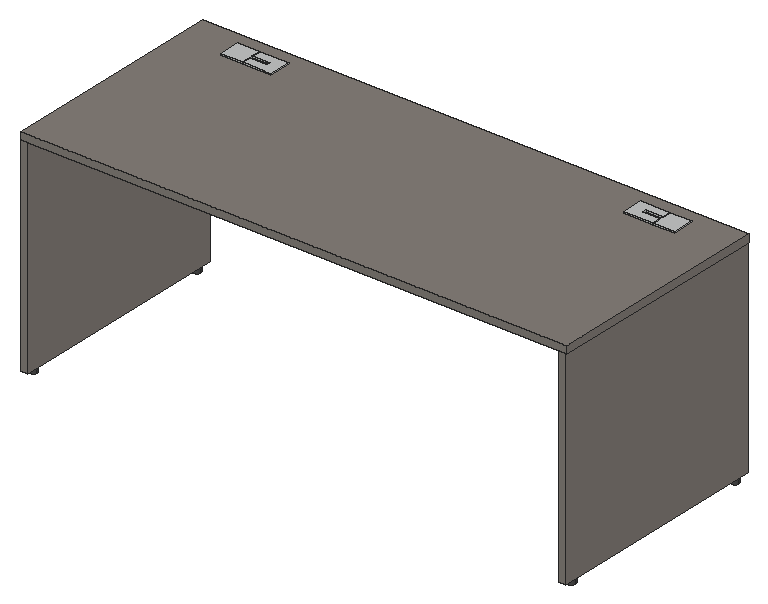
Revit family "Workstations-Multi_Level-Teknion-B_MDG_Primary_Desk_for_U_Shape_Configuration-R2019", category Furniture, Revit 2019
Family settings
  OmniClass Number = 23.40.20.00
  OmniClass Title = General Furniture and Specialties
  Work Plane-Based = No
  Always vertical = Yes
  Cut with Voids When Loaded = No
  Shared = Yes
  Room Calculation Point = No
Parameters (values of type "1" Thick WS")
  Worksurface Thickness = 1.016"
  Worksurface Finish [instance] = Veneer - Teknion - 5P - Flintwood - Poppy Seed
  Width [instance] = 72.000"
  Warranty = "http://www.teknion.com/ca/papers/legal-canada"
  Unit Weight URL = "http://www.teknion.com/ca/tools/assets#&asset=bee6a381-b954-425e-8283-5a2de3a804f2,f828d448-4b62-4231-9e5f-9a8991c0ed77"
  URL = "www.teknion.com"
  To render please download texture images found here [instance] = "https://assets.teknion.com/web/5e81352c1dfdb467/revit-material-swatches/"
  Sustainability Data = "https://www.teknion.com/ca/tools/assets#&topic=216f99a5-57a0-44fc-b10a-9dee9b29ae4c&asset=444deb64-fe58-4b68-981e-f75e97781df7,b4ff2d81-9f2e-437d-9659-7cffb09c31cf"
  Suspended Modesty Panel Options [instance] = "Please choose one of the following options below."  # constant formula
  Suspended Modesty Panel Height Options [instance] = "Please choose one of the following options below."  # constant formula
  Suspended Modesty Panel - Solid Finish [instance] = Veneer-Teknion-5T-Flintwood-White_Truffle (Long Grain)
  Suspended Modesty Panel - Solid [instance] = no
  Suspended Modesty Panel - Metal Finish [instance] = Paint-Teknion-20-T-Foundation-Atrium White
  Suspended Modesty Panel - Metal [instance] = no
  Suspended Modesty Panel - Glass Hardware Finish [instance] = Paint - Teknion - Mica - Very White
  Suspended Modesty Panel - Glass Finish [instance] = Glass - Teknion - FT - Frosted Glass
  Suspended Modesty Panel - Glass [instance] = no
  Suspended Modesty Panel - Felt Finish [instance] = Fabric-Teknion-RB13-Carrera
  Suspended Modesty Panel - Felt [instance] = no
  Series = "Expansion Casegoods"  # constant formula
  Product Page URL = "https://www.teknion.com/ca/products/product-details?productLineId=0053336e-8e7a-673b-a6c8-ff00004460c4"
  Product Line = "Expansion Casegoods"  # constant formula
  Product Documentation Link = "https://www.teknion.com/pricing/expansion-casegoods/pdfs/B_MDG_ppg.pdf"
  Part Number = "B_MDG"  # constant formula
  Panel Height [instance] = if([10" Height Suspended Modesty Panel], 10.009", 6.636")  # 10.009"
  No Grommet Option [instance] = not([Has Both Ends - Rectangular])  # no
  Model = "BDMDG_____"
  Manufacturer Phone = "416-661-3370"  # constant formula
  Manufacturer Fax = "416.661.4586"  # constant formula
  Manufacturer Contact Information = "http://www.teknion.com/ca/contactus"
  Manufacturer Address = "1150 Flint Road, Toronto, ON. M3J 2J5. Canada"  # constant formula
  Manufacturer = "Teknion"  # constant formula
  How To Use Teknion Materials User Guide [instance] = "https://assets.teknion.com/m/205dd0a49fa58060/original/How-to-add-a-Material-Library-and-Texture-Images-to-your-Revit-project.pdf"
  Has Both Ends - Rectangular [instance] = yes
  Grommet Finish [instance] = Paint - Teknion - Mica - Platinum
  Gable Thickness = 1.016"
  Gable Finish [instance] = Veneer - Teknion - 5P - Flintwood - Poppy Seed
  For Additional Finishes please visit [instance] = "https://assets.teknion.com/m/44a8009b046e5d47/original/Teknion_Materials_Library.zip"
  Description = "Primary Desk for U-Shape Configuration, 1\" Worksurface Thickness"
  Depth [instance] = 30.000"
  Available Widths [instance] = if(Worksurface Thickness = 1.016", "60, 66, or 72 inches.", "60, 66, 72, 78, 84, or 90 inches.")  # "60, 66, or 72 inches."
  Available Depths [instance] = if(Worksurface Thickness = 1.016", "24 or 30 inches.", "24, 30, or 36 inches.")  # "24 or 30 inches."
  Assembly Code = "E2020200"
  6" Height Suspended Modesty Panel [instance] = no
  10" Height Suspended Modesty Panel [instance] = not([6" Height Suspended Modesty Panel])  # yes
Types (4): name | Worksurface Thickness | Panel Height | Model | Gable Thickness | Description | Available Widths | Available Depths | 6" Height Suspended Modesty Panel | 10" Height Suspended Modesty Panel
  (no name) | 1.016" | 10.009" | "BDMDG_____" | 1.016" | "Primary Desk for U-Shape Configuration, 1\" Worksurface Thickness" | "60, 66, or 72 inches." | "24 or 30 inches." | no | yes
  1" Thick WS | 1.016" | 10.009" | "BDMDG_____" | 1.016" | "Primary Desk for U-Shape Configuration, 1\" Worksurface Thickness" | "60, 66, or 72 inches." | "24 or 30 inches." | no | yes
  1-3/16" Thick WS | 1.189" | 6.636" | "BMMDG_____" | 1.016" | "Primary Desk for U-Shape Configuration, 1-3/16\" Worksurface Thickness" | "60, 66, 72, 78, 84, or 90 inches." | "24, 30, or 36 inches." | yes | no
  1-9/16" Thick WS | 1.555" | 6.636" | "BXMDG_____" | 1.555" | "Primary Desk for U-Shape Configuration, 1-9/16\" Worksurface Thickness" | "60, 66, 72, 78, 84, or 90 inches." | "24, 30, or 36 inches." | yes | no
Reference planes (in)
  plane 1 "Center Front/Back": y = -2.73873
  plane 2: z = 0
  plane 3 "Center Left/Right": x = 3.31311
  plane 4 "Left": x = -32.68689
  plane 5 "Right": x = 39.31311
  plane 6 "Back": y = 12.26127
  plane 7 "Front": y = -17.73873
  plane 8 "Top": z = 27.80709
  plane 9: z = 28.82309
  plane 10: z = 0.60236
  plane 11: x = -31.67089
  plane 12: x = 38.29711
  plane 13: x = -32.17889
  plane 14: x = 38.80511
  plane 15: y = 6.26127
  plane 16 "Left Panel Offset": x = -29.68689
  plane 17 "Right Panel Offset": x = 36.31311
  plane 18: z = 17.79809
Forms (in)
  Sweep 1, solid, material "Veneer - Teknion - 5P - Flintwood - Poppy Seed" <- "Gable Finish"
    path origin (0, -2.73873, 0) x (1, 0, 0) y (0, 0, 1)
      loop
        line (3.31311, 0.60236) -> (3.31311, 27.80709)
    profile origin (3.31311, -2.73873, 14.20472) x (-1, 0, 0) y (0, -1, 0)
      loop
        line (34.984, -15) -> (36, -15) -> (36, 15) -> (34.984, 15) -> (34.984, -15)
  Sweep 2, solid, material "Veneer - Teknion - 5P - Flintwood - Poppy Seed" <- "Gable Finish"
    path origin (6.62622, -2.73873, 0) x (-1, 0, 0) y (0, 0, 1)
      loop
        line (3.31311, 0.60236) -> (3.31311, 27.80709)
    profile origin (3.31311, -2.73873, 14.20472) x (-1, 0, 0) y (0, -1, 0)
      loop
        line (-34.984, -15) -> (-34.984, 15) -> (-36, 15) -> (-36, -15) -> (-34.984, -15)
  Sweep 3, solid, material "Veneer - Teknion - 5P - Flintwood - Poppy Seed" <- "Worksurface Finish"
    path origin (0, -2.73873, 0) x (1, 0, 0) y (0, 0, 1)
      loop
        line (3.31311, 27.80709) -> (3.31311, 28.82309)
    profile origin (3.31311, -2.73873, 28.31509) x (-1, 0, 0) y (0, -1, 0)
      loop
        line (36, -15) -> (36, 15) -> (-36, 15) -> (-36, -15) -> (36, -15)
  Sweep 4, solid, material "Metal - Teknion - AC - Clear Anodized"
    path origin (0, 0, 0) x (1, 0, 0) y (0, 1, 0)
      loop
        line (-31.67089, 9.26127) -> (-31.67089, -14.73873)
    profile origin (-31.67089, -2.73873, 0) x (1, 0, 0) y (0, 0, 1)
      loop
        line (0, 27.80709) -> (0, 24.85433) -> (0.11902, 24.85433) -> (0.11902, 27.68807) -> (2.95276, 27.68807) -> (2.95276, 27.80709) -> (0, 27.80709)
      loop
        line (69.84898, 27.68807) -> (69.84898, 24.85433) -> (69.968, 24.85433) -> (69.968, 27.80709) -> (67.01524, 27.80709) -> (67.01524, 27.68807) -> (69.84898, 27.68807)
  Sweep 5, void
    path origin (0, 0, 0) x (1, 0, 0) y (0, 1, 0)
      loop
        line (38.29711, -2.73873) -> (-31.67089, -2.73873)
    profile origin (3.31311, -2.73873, 0) x (0, -1, 0) y (0, 0, 1)
      loop
        line (12, 26.85141) -> (10.00292, 24.85433) -> (12, 24.85433) -> (12, 26.85141)
      loop
        line (-10.00292, 24.85433) -> (-12, 26.85141) -> (-12, 24.85433) -> (-10.00292, 24.85433)
  Sweep 6, solid, material "Plastic - Teknion - E - Ebony"
    path origin (0, -2.73873, 0) x (1, 0, 0) y (0, 0, 1)
      loop
        line (-32.17889, 0) -> (-32.17889, 0.60236)
    profile origin (-32.17889, -2.73873, 0.30118) x (-1, 0, 0) y (0, -1, 0)
      loop
        circle (0, 13.48052) r 0.5
      loop
        circle (-70.984, 13.48052) r 0.5
      loop
        circle (0, -13.48052) r 0.5
      loop
        circle (-70.984, -13.48052) r 0.5
  Sweep 7, solid, material "Paint - Teknion - Mica - Platinum" <- "Grommet Finish", visible <- "Has Both Ends - Rectangular"
    path origin (0, -2.73873, 0) x (1, 0, 0) y (0, 0, 1)
      loop
        line (-25.07459, 28.82309) -> (-25.07459, 28.98054)
    profile origin (-25.07459, -2.73873, 28.90181) x (-1, 0, 0) y (0, -1, 0)
      loop
        line (1.53, -13.27912) -> (1.53, -10.43505) -> (-1.31722, -10.43505) -> (-1.31722, -13.27912) -> (1.53, -13.27912)
      loop
        line (-55.45818, -13.27912) -> (-55.45818, -10.43505) -> (-58.30541, -10.43505) -> (-58.30541, -13.27912) -> (-55.45818, -13.27912)
  Sweep 8, solid, material "Paint - Teknion - Mica - Platinum" <- "Grommet Finish", visible <- "Has Both Ends - Rectangular"
    path origin (0, -2.73873, 0) x (1, 0, 0) y (0, 0, 1)
      loop
        line (-22.21813, 28.82309) -> (-22.21813, 28.98054)
    profile origin (-22.21813, -2.73873, 28.90181) x (-1, 0, 0) y (0, -1, 0)
      loop
        line (1.53824, -13.27912) -> (1.53824, -12.06976) -> (-0.74037, -12.06976) -> (-0.74037, -11.64441) -> (1.53824, -11.64441) -> (1.53824, -10.43505) -> (-2.26785, -10.43505) -> (-2.26785, -13.27912) -> (1.53824, -13.27912)
      loop
        line (-52.60172, -12.06976) -> (-52.60172, -13.27912) -> (-48.79464, -13.27912) -> (-48.79464, -10.43505) -> (-52.60172, -10.43505) -> (-52.60172, -11.64441) -> (-50.32212, -11.64441) -> (-50.32212, -12.06976) -> (-52.60172, -12.06976)
  Sweep 9, solid, material "Veneer-Teknion-5T-Flintwood-White_Truffle (Long Grain)" <- "Suspended Modesty Panel - Solid Finish", visible <- "Suspended Modesty Panel - Solid"
    path origin (18.65075, 17.54035, -0.36189) x (1, 0, 0) y (0, 1, 0)
      loop
        line (-48.33764, -33.24036) -> (17.66236, -33.24036)
    profile origin (3.31311, -15.70001, -0.36189) x (0, 1, 0) y (0, 0, 1)
      loop
        line (21.96029, 28.16898) -> (20.94454, 28.16898) -> (20.94454, 18.15998) -> (21.96029, 18.15998) -> (21.96029, 28.16898)
  Sweep 10, solid, material "Paint - Teknion - Foundation - Ebony", visible <- "Suspended Modesty Panel - Felt"
    path origin (-16.98691, -22.31951, -0.36189) x (-1, 0, 0) y (0, -1, 0)
      loop
        line (-53.30002, -6.6205) -> (12.69998, -6.6205)
    profile origin (3.31311, -15.69901, -0.36189) x (0, -1, 0) y (0, 0, 1)
      loop
        line (-21.6847, 18.15998) -> (-21.63745, 18.15998) -> (-21.63745, 28.12153) -> (-21.09415, 28.12153) -> (-21.09415, 27.53885) -> (-21.0469, 27.53885) -> (-21.0469, 28.16877) -> (-21.6847, 28.16877) -> (-21.6847, 18.15998)
  Sweep 11, solid, material "Fabric-Teknion-RB13-Carrera" <- "Suspended Modesty Panel - Felt Finish", visible <- "Suspended Modesty Panel - Felt"
    path origin (-16.98691, -22.31951, -0.36189) x (-1, 0, 0) y (0, -1, 0)
      loop
        line (-53.30002, -6.6205) -> (12.69998, -6.6205)
    profile origin (3.31311, -15.69901, -0.36189) x (0, -1, 0) y (0, 0, 1)
      loop
        line (-21.36186, 27.57805) -> (-21.63745, 27.57805) -> (-21.63745, 18.15998) -> (-21.36186, 18.15998) -> (-21.36186, 27.57805)
      loop
        line (-21.6847, 18.15998) -> (-21.6847, 27.57805) -> (-21.96029, 27.57805) -> (-21.96029, 18.15998) -> (-21.6847, 18.15998)
  Sweep 12, solid, material "Glass - Teknion - FT - Frosted Glass" <- "Suspended Modesty Panel - Glass Finish", visible <- "Suspended Modesty Panel - Glass"
    path origin (-18.48691, -22.31951, -0.36189) x (-1, 0, 0) y (0, -1, 0)
      loop
        line (-54.80002, -6.6205) -> (11.19998, -6.6205)
    profile origin (3.31311, -15.69901, -0.36189) x (0, -1, 0) y (0, 0, 1)
      loop
        line (-21.72407, 28.16898) -> (-21.96029, 28.16898) -> (-21.96029, 18.15998) -> (-21.72407, 18.15998) -> (-21.72407, 28.16898)
  Sweep 13, solid, material "Paint - Teknion - Mica - Very White" <- "Suspended Modesty Panel - Glass Hardware Finish", visible <- "Suspended Modesty Panel - Glass"
    path origin (-18.48691, -22.31951, -0.36189) x (-1, 0, 0) y (0, -1, 0)
      loop
        line (-54.80002, -6.6205) -> (11.19998, -6.6205)
    profile origin (3.31311, -15.69901, -0.36189) x (0, -1, 0) y (0, 0, 1)
      loop
        line (-21.3343, 28.0546) -> (-21.72407, 28.0546) -> (-21.72407, 26.86562) -> (-21.3343, 26.86562) -> (-21.3343, 28.0546)
  Sweep 14, solid, material "Paint-Teknion-20-T-Foundation-Atrium White" <- "Suspended Modesty Panel - Metal Finish", visible <- "Suspended Modesty Panel - Metal"
    path origin (18.65075, 17.54035, -0.36189) x (1, 0, 0) y (0, 1, 0)
      loop
        line (-48.33764, -30.24036) -> (17.66236, -30.24036)
    profile origin (3.31311, -12.70001, -0.36189) x (0, 1, 0) y (0, 0, 1)
      loop
        line (18.96029, 28.16898) -> (17.94454, 28.16898) -> (17.94454, 18.15998) -> (18.96029, 18.15998) -> (18.96029, 28.16898)
  Sweep 15, void
    path origin (3.51309, -4.81951, 0.00009) x (1, 0, 0) y (0, 1, 0)
      loop
        line (-0.19998, 10.06404) -> (-0.19998, 11.03179)
    profile origin (3.31311, 5.7284, 0.00009) x (-1, 0, 0) y (0, 0, 1)
      loop
        line (31.856, 18.942) -> (31.856, 26.663) -> (-31.856, 26.663) -> (-31.856, 18.942) -> (31.856, 18.942)
Cuts and joins
  Sweep 5 cuts Sweep 4
  Sweep 15 cuts Sweep 1
  Sweep 15 cuts Sweep 14
Lines and regions (in)
  Masking region 1
    outline origin (0, 0, 0) x (1, 0, 0) y (0, 1, 0)
      loop
        line (-32.68689, 12.26127) -> (-32.68689, -17.73873) -> (39.31311, -17.73873) -> (39.31311, 12.26127) -> (-32.68689, 12.26127)
  symbolic lines, style "FurnitureHiddenLines", detail levels medium+fine
    curve 1: line (-31.67089, -17.73873, 0) -> (-31.67089, 12.26127, 0)
    curve 2: line (38.29711, 12.26127, 0) -> (38.29711, -17.73873, 0)
    curve 3: line (-31.67089, 9.26127, 0) -> (-28.71813, 9.26127, 0)
    curve 4: line (-28.71813, -14.73873, 0) -> (-28.71813, 9.26127, 0)
    curve 5: line (-28.71813, -14.73873, 0) -> (-31.67089, -14.73873, 0)
    curve 6: line (35.34435, 9.26127, 0) -> (38.29711, 9.26127, 0)
    curve 7: line (35.34435, 9.26127, 0) -> (35.34435, -14.73873, 0)
    curve 8: line (38.29711, -14.73873, 0) -> (35.34435, -14.73873, 0)
  symbolic lines, style "FurnitureHiddenLines", detail levels fine
    curve 9: line (38.17809, 9.26127, 0) -> (38.17809, -14.73873, 0)
    curve 10: line (-31.55187, -14.73873, 0) -> (-31.55187, 9.26127, 0)
    curve 11: arc (38.30511, -16.21925, 0) -> (38.80511, -15.71925, 0) -> (39.30511, -16.21925, 0) r 0.5
    curve 12: arc (39.30511, -16.21925, 0) -> (38.80511, -16.71925, 0) -> (38.30511, -16.21925, 0) r 0.5
    curve 13: arc (38.30511, 10.74179, 0) -> (38.80511, 11.24179, 0) -> (39.30511, 10.74179, 0) r 0.5
    curve 14: arc (39.30511, 10.74179, 0) -> (38.80511, 10.24179, 0) -> (38.30511, 10.74179, 0) r 0.5
    curve 15: arc (-32.67889, 10.74179, 0) -> (-32.17889, 11.24179, 0) -> (-31.67889, 10.74179, 0) r 0.5
    curve 16: arc (-31.67889, 10.74179, 0) -> (-32.17889, 10.24179, 0) -> (-32.67889, 10.74179, 0) r 0.5
    curve 17: arc (-32.67889, -16.21925, 0) -> (-32.17889, -15.71925, 0) -> (-31.67889, -16.21925, 0) r 0.5
    curve 18: arc (-31.67889, -16.21925, 0) -> (-32.17889, -16.71925, 0) -> (-32.67889, -16.21925, 0) r 0.5
  symbolic lines, visible <- "Has Both Ends - Rectangular"
    curve 19: line (-23.75737, 10.54039, 0) -> (-26.6046, 10.54039, 0)
    curve 20: line (-23.75737, 7.69633, 0) -> (-23.75737, 10.54039, 0)
    curve 21: line (-26.6046, 7.69633, 0) -> (-23.75737, 7.69633, 0)
    curve 22: line (-26.6046, 10.54039, 0) -> (-26.6046, 7.69633, 0)
    curve 23: line (-19.95028, 10.54039, 0) -> (-23.75737, 10.54039, 0)
    curve 24: line (-19.95028, 7.69633, 0) -> (-19.95028, 10.54039, 0)
    curve 25: line (-23.75737, 7.69633, 0) -> (-19.95028, 7.69633, 0)
    curve 26: line (-21.47777, 8.90569, 0) -> (-23.75637, 8.90569, 0)
    curve 27: line (-23.75637, 9.33103, 0) -> (-21.47777, 9.33103, 0)
    curve 28: line (-21.47777, 9.33103, 0) -> (-21.47777, 8.90569, 0)
    curve 29: line (33.23082, 7.69633, 0) -> (33.23082, 10.54039, 0)
    curve 30: line (33.23082, 10.54039, 0) -> (30.38359, 10.54039, 0)
    curve 31: line (30.38359, 10.54039, 0) -> (30.38359, 7.69633, 0)
    curve 32: line (30.38359, 7.69633, 0) -> (33.23082, 7.69633, 0)
    curve 33: line (30.38359, 10.54039, 0) -> (26.5765, 10.54039, 0)
    curve 34: line (26.5765, 10.54039, 0) -> (26.5765, 7.69633, 0)
    curve 35: line (26.5765, 7.69633, 0) -> (30.38359, 7.69633, 0)
    curve 36: line (30.38359, 8.90569, 0) -> (28.10399, 8.90569, 0)
    curve 37: line (28.10399, 8.90569, 0) -> (28.10399, 9.33103, 0)
    curve 38: line (28.10399, 9.33103, 0) -> (30.38359, 9.33103, 0)
  reference lines
    curve 39: line (-32.68689, 12.26127, 0) -> (-32.68689, -17.73873, 0)
    curve 40: line (-32.68689, 12.26127, 0) -> (39.31311, 12.26127, 0)
    curve 41: line (39.31311, 12.26127, 0) -> (39.31311, -17.73873, 0)
    curve 42: line (-32.68689, -17.73873, 0) -> (39.31311, -17.73873, 0)
  symbolic lines, style "FurnitureHiddenLines", visible <- "Suspended Modesty Panel - Metal", detail levels fine
    curve 43: line (-28.54289, 6.21227, 0.36198) -> (-28.54289, 5.24452, 0.36198)
    curve 44: line (35.16911, 6.21227, 0.36198) -> (-28.54289, 6.21227, 0.36198)
    curve 45: line (35.16911, 5.24452, 0.36198) -> (35.16911, 6.21227, 0.36198)
  symbolic lines, style "FurnitureHiddenLines", visible <- "Suspended Modesty Panel - Solid", detail levels medium+fine
    curve 46: line (-29.68689, 5.24452, 0.36198) -> (36.31311, 5.24452, 0.36198)
    curve 51: line (-29.68689, 5.24452, 0.36198) -> (-29.68689, 6.26027, 0.36198)
    curve 52: line (36.31311, 5.24452, 0.36198) -> (36.31311, 6.26027, 0.36198)
    curve 53: line (-29.68689, 5.24452, 0.36198) -> (36.31311, 5.24452, 0.36198)
    curve 54: line (36.31311, 6.26027, 0.36198) -> (-29.68689, 6.26027, 0.36198)
  symbolic lines, style "FurnitureHiddenLines", visible <- "Suspended Modesty Panel - Metal", detail levels medium+fine
    curve 47: line (-29.68689, 5.24452, 0.36198) -> (-29.68689, 6.26027, 0.36198)
    curve 48: line (36.31311, 6.26027, 0.36198) -> (-29.68689, 6.26027, 0.36198)
    curve 49: line (-29.68689, 5.24452, 0.36198) -> (36.31311, 5.24452, 0.36198)
    curve 50: line (36.31311, 5.24452, 0.36198) -> (36.31311, 6.26027, 0.36198)
  symbolic lines, style "FurnitureHiddenLines", visible <- "Suspended Modesty Panel - Felt", detail levels medium+fine
    curve 55: line (-29.68689, 6.26127, 0.36198) -> (-29.68689, 5.34789, 0.36198)
    curve 56: line (36.31311, 6.26127, 0.36198) -> (-29.68689, 6.26127, 0.36198)
    curve 57: line (36.31311, 6.26127, 0.36198) -> (36.31311, 5.34789, 0.36198)
    curve 58: line (-29.68689, 5.34789, 0.36198) -> (36.31311, 5.34789, 0.36198)
  symbolic lines, style "FurnitureHiddenLines", visible <- "Suspended Modesty Panel - Felt", detail levels fine
    curve 59: line (36.31311, 5.98568, 0.36198) -> (-29.68689, 5.98568, 0.36198)
    curve 60: line (-29.68689, 5.93844, 0.36198) -> (36.31311, 5.93844, 0.36198)
    curve 61: line (-29.68689, 5.66285, 0.36198) -> (36.31311, 5.66285, 0.36198)
  symbolic lines, style "FurnitureHiddenLines", visible <- "Suspended Modesty Panel - Glass", detail levels medium+fine
    curve 62: line (36.31311, 6.26127, 0.36198) -> (-29.68689, 6.26127, 0.36198)
    curve 63: line (36.31311, 6.26127, 0.36198) -> (-29.68689, 6.26127, 0.36198)
    curve 64: line (-29.68689, 6.02505, 0.36198) -> (36.31311, 6.02505, 0.36198)
    curve 65: line (-29.68689, 6.26127, 0.36198) -> (-29.68689, 6.02505, 0.36198)
    curve 66: line (36.31311, 6.26127, 0.36198) -> (36.31311, 6.02505, 0.36198)
    curve 67: line (36.31311, 6.02505, 0.36198) -> (36.31311, 5.63529, 0.36198)
    curve 68: line (-29.68689, 5.63529, 0.36198) -> (36.31311, 5.63529, 0.36198)
    curve 69: line (-29.68689, 6.02505, 0.36198) -> (-29.68689, 5.63529, 0.36198)
Dimensions and locks (in)
  "Width": plane 4 "Left" to plane 5 "Right"
  equal spacing: plane 6 "Back", plane 1 "Center Front/Back", plane 7 "Front"
  locked: plane 8 "Top" to level at 27.80709
  equal spacing: plane 4 "Left", plane 3 "Center Left/Right", plane 5 "Right"
  "Worksurface Thickness": plane 9 to plane 8 "Top"
  locked: plane 10 to level at 0.60236
  "Gable Thickness": plane 4 "Left" to plane 11
  "Gable Thickness": plane 12 to plane 5 "Right"
  locked: plane 6 "Back" to Sweep 4 sketch curve at 3
  locked: plane 7 "Front" to Sweep 4 sketch curve at 3
  plane 8 "Top" to Sweep 4 sketch curve to Sweep 4 sketch curve = 0.11902" locked, 2.83374" locked  (x2)
  Sweep 4 sketch curve to Sweep 4 sketch curve to plane 11 = 2.83374" locked, 0.11902" locked
  plane 7 "Front" to Sweep 5 sketch curve to Sweep 5 sketch curve = 3.000" locked, 1.99708" locked
  Sweep 5 sketch curve to Sweep 5 sketch curve to plane 6 "Back" = 1.99708" locked, 3.000" locked
  Sweep 5 sketch curve to Sweep 5 sketch curve to Sweep 5 sketch curve to Sweep 5 sketch curve to level = 0.000" locked, 1.99708" locked, 0.000" locked, 24.85433" locked
  plane 12 to Sweep 4 sketch curve to Sweep 4 sketch curve = 0.11902" locked, 2.83374" locked
  "Depth": plane 7 "Front" to plane 6 "Back"
  equal spacing: plane 4 "Left", plane 13, plane 11
  equal spacing: plane 12, plane 14, plane 5 "Right"
  locked: Sweep 6 sketch curve to plane 14 at 0  (x2)
  locked: plane 6 "Back" to Sweep 6 sketch curve at 1.51948  (x2)
  locked: plane 7 "Front" to Sweep 6 sketch curve at 1.51948  (x2)
  locked: Sweep 6 sketch curve to plane 13 at 0  (x2)
  locked: Sweep 7 sketch curve to plane 9 at 0.15746
  plane 4 "Left" to Sweep 7 sketch curve to Sweep 7 sketch curve = 6.08229" locked, 2.84723" locked
  plane 6 "Back" to Sweep 7 sketch curve to Sweep 7 sketch curve = 1.72088" locked, 2.84406" locked  (x2)
  Sweep 7 sketch curve to Sweep 7 sketch curve to plane 5 "Right" = 2.84723" locked, 6.08229" locked
  locked: Sweep 8 sketch curve to plane 9 at 0.15746
  plane 4 "Left" to Sweep 8 sketch curve to Sweep 8 sketch curve to Sweep 8 sketch curve to Sweep 8 sketch curve = 8.93052" locked, 0.000" locked, 2.2786" locked, 1.52748" locked
  plane 6 "Back" to Sweep 8 sketch curve to Sweep 8 sketch curve to Sweep 8 sketch curve to Sweep 8 sketch curve = 1.72088" locked, 1.20936" locked, 0.42535" locked, 1.20936" locked  (x2)
  Sweep 8 sketch curve to Sweep 8 sketch curve to Sweep 8 sketch curve to Sweep 8 sketch curve to plane 5 "Right" = 1.52748" locked, 2.2796" locked, 0.000" locked, 8.92952" locked
  plane 8 "Top" to Sweep 10 sketch curve to Sweep 10 sketch curve to Sweep 10 sketch curve = 0.0002" locked, 0.04724" locked, 0.58268" locked
  Sweep 10 sketch curve to Sweep 10 sketch curve to Sweep 10 sketch curve to Sweep 10 sketch curve to plane 15 = 0.04724" locked, 0.54331" locked, 0.04724" locked, 0.27559" locked
  plane 8 "Top" to Sweep 11 sketch curve to Sweep 11 sketch curve = 0.59093" locked, 0.000" locked
  Sweep 13 sketch curve to Sweep 13 sketch curve to plane 15 = 0.38976" locked, 0.23622" locked
  plane 8 "Top" to Sweep 13 sketch curve to Sweep 13 sketch curve = 0.11438" locked, 1.18898" locked
  plane 15 to Sweep 9 sketch curve to Sweep 9 sketch curve = 0.001" locked, 1.01575" locked
  Sweep 11 sketch curve to plane 15 to Sweep 11 sketch curve to Sweep 11 sketch curve to Sweep 11 sketch curve = 0.000" locked, 0.27559" locked, 0.04724" locked, 0.27559" locked
  Sweep 12 sketch curve to Sweep 12 sketch curve to plane 15 = 0.23622" locked, 0.000" locked
  plane 15 to Sweep 14 sketch curve to Sweep 14 sketch curve = 0.001" locked, 1.01575" locked
  curve 63 to curve 64 to curve 68 = 0.23622" locked, 0.38976"
  locked: Sweep 11 sketch curve to Sweep 11 sketch curve
  plane 15 to Sweep 15 sketch curve to Sweep 15 sketch curve = 0.049" locked, 0.96775" locked
  locked: Sweep 15 sketch curve to plane 16 "Left Panel Offset" at 1.144
  locked: plane 17 "Right Panel Offset" to Sweep 15 sketch curve at 1.144
  locked: plane 6 "Back" to plane 15 at 6
  locked: plane 4 "Left" to plane 16 "Left Panel Offset" at 3
  locked: plane 17 "Right Panel Offset" to plane 5 "Right" at 3
  "Panel Height": plane 8 "Top" to plane 18
  locked: Sweep 15 sketch curve to plane 18 at 1.144
  locked: plane 8 "Top" to Sweep 15 sketch curve at 1.144
  aligned and locked: level to plane 2
  aligned and locked: plane 8 "Top" to Sweep 1 sketch curve
  aligned and locked: plane 10 to Sweep 1 sketch curve
  aligned and locked: plane 3 "Center Left/Right" to Sweep 1 sketch curve
  aligned and locked: Sweep 1 sketch curve to plane 6 "Back"
  aligned and locked: Sweep 1 sketch curve to plane 4 "Left"
  aligned and locked: plane 7 "Front" to Sweep 1 sketch curve
  aligned and locked: Sweep 1 sketch curve to plane 11
  aligned and locked: plane 5 "Right" to Sweep 2 sketch curve
  aligned and locked: Sweep 2 sketch curve to plane 12
  aligned and locked: plane 6 "Back" to Sweep 2 sketch curve
  aligned and locked: Sweep 2 sketch curve to plane 7 "Front"
  aligned and locked: plane 9 to Sweep 3 sketch curve
  aligned and locked: plane 8 "Top" to Sweep 3 sketch curve
  aligned and locked: plane 3 "Center Left/Right" to Sweep 3 sketch curve
  aligned and locked: Sweep 3 sketch curve to plane 4 "Left"
  aligned and locked: Sweep 3 sketch curve to plane 6 "Back"
  aligned and locked: plane 7 "Front" to Sweep 3 sketch curve
  aligned and locked: plane 5 "Right" to Sweep 3 sketch curve
  aligned and locked: Sweep 4 sketch curve to plane 11
  aligned and locked: Sweep 4 sketch curve to plane 8 "Top"  (x2)
  aligned and locked: plane 11 to Sweep 5 sketch curve
  aligned and locked: plane 12 to Sweep 5 sketch curve
  aligned and locked: Sweep 4 sketch curve to plane 12
  aligned and locked: plane 10 to Sweep 6 sketch curve
  aligned and locked: plane 2 to Sweep 6 sketch curve
  aligned and locked: plane 9 to Sweep 7 sketch curve
  aligned and locked: plane 9 to Sweep 8 sketch curve
  aligned and locked: Masking region 1 sketch curve to plane 6 "Back"
  aligned and locked: Masking region 1 sketch curve to plane 4 "Left"
  aligned and locked: plane 7 "Front" to Masking region 1 sketch curve
  aligned and locked: plane 5 "Right" to Masking region 1 sketch curve
  aligned and locked: curve 1 to Sweep 1
  aligned and locked: curve 2 to Sweep 2
  aligned and locked: curve 3 to cut or joined group of Sweep 4, Sweep 5
  aligned and locked: curve 4 to cut or joined group of Sweep 4, Sweep 5
  aligned and locked: curve 5 to cut or joined group of Sweep 4, Sweep 5
  aligned and locked: cut or joined group of Sweep 4, Sweep 5 to curve 6
  aligned and locked: curve 7 to cut or joined group of Sweep 4, Sweep 5
  aligned and locked: curve 8 to cut or joined group of Sweep 4, Sweep 5
  aligned and locked: curve 9 to cut or joined group of Sweep 4, Sweep 5
  aligned and locked: curve 10 to cut or joined group of Sweep 4, Sweep 5
  aligned and locked: curve 11 to Sweep 6
  aligned and locked: curve 12 to Sweep 6
  aligned and locked: curve 13 to Sweep 6
  aligned and locked: curve 14 to Sweep 6
  aligned and locked: curve 15 to Sweep 6
  aligned and locked: curve 16 to Sweep 6
  aligned and locked: curve 17 to Sweep 6
  aligned and locked: curve 18 to Sweep 6
  aligned and locked: curve 19 to Sweep 7
  aligned and locked: curve 20 to Sweep 7
  aligned and locked: curve 21 to Sweep 7
  aligned and locked: curve 22 to Sweep 7
  aligned and locked: curve 23 to Sweep 8
  aligned and locked: curve 24 to Sweep 8
  aligned and locked: curve 25 to Sweep 8
  aligned and locked: curve 26 to Sweep 8
  aligned and locked: curve 27 to Sweep 8
  aligned and locked: curve 28 to Sweep 8
  aligned and locked: curve 29 to Sweep 7
  aligned and locked: curve 30 to Sweep 7
  aligned and locked: curve 31 to Sweep 7
  aligned and locked: curve 32 to Sweep 7
  aligned and locked: curve 33 to Sweep 8
  aligned and locked: curve 34 to Sweep 8
  aligned and locked: curve 35 to Sweep 8
  aligned and locked: curve 36 to Sweep 8
  aligned and locked: curve 37 to Sweep 8
  aligned and locked: curve 38 to Sweep 8
  aligned and locked: curve 39 to plane 4 "Left"
  aligned and locked: curve 40 to plane 6 "Back"
  aligned and locked: plane 5 "Right" to curve 41
  aligned and locked: plane 7 "Front" to curve 42
  aligned and locked: curve 47 to Sweep 9
  aligned and locked: curve 50 to Sweep 9
  aligned and locked: curve 58 to Sweep 10
  aligned and locked: curve 60 to Sweep 10
  aligned and locked: curve 61 to Sweep 11
  aligned and locked: curve 65 to Sweep 12
  aligned and locked: curve 67 to Sweep 13
  aligned and locked: curve 69 to Sweep 13
  aligned and locked: plane 17 "Right Panel Offset" to Sweep 14 sketch curve
  aligned and locked: plane 16 "Left Panel Offset" to Sweep 14 sketch curve
  aligned and locked: plane 17 "Right Panel Offset" to Sweep 12 sketch curve
  aligned and locked: plane 16 "Left Panel Offset" to Sweep 12 sketch curve
  aligned and locked: plane 17 "Right Panel Offset" to Sweep 9 sketch curve
  aligned and locked: plane 16 "Left Panel Offset" to Sweep 9 sketch curve
  aligned and locked: plane 17 "Right Panel Offset" to Sweep 13 sketch curve
  aligned and locked: plane 16 "Left Panel Offset" to Sweep 13 sketch curve
  aligned and locked: plane 16 "Left Panel Offset" to Sweep 11 sketch curve
  aligned and locked: plane 17 "Right Panel Offset" to Sweep 11 sketch curve
  aligned and locked: plane 16 "Left Panel Offset" to Sweep 10 sketch curve
  aligned and locked: plane 17 "Right Panel Offset" to Sweep 10 sketch curve
  aligned and locked: plane 18 to Sweep 14 sketch curve
  aligned and locked: Sweep 14 sketch curve to plane 8 "Top"
  aligned and locked: plane 18 to Sweep 9 sketch curve
  aligned and locked: Sweep 9 sketch curve to plane 8 "Top"
  aligned and locked: Sweep 11 sketch curve to plane 18
  aligned and locked: Sweep 12 sketch curve to plane 18
  aligned and locked: plane 8 "Top" to Sweep 12 sketch curve
  aligned and locked: Sweep 10 sketch curve to plane 18
Automatic sketch dimensions
  Sweep 2 sketch curve to plane 3 "Center Left/Right" = 0.000"
  Sweep 2 sketch curve to plane 10 = 0.000"
  Sweep 2 sketch curve to plane 8 "Top" = 0.000"
  Sweep 4 sketch curve to plane 11 = 0.000"
  plane 1 "Center Front/Back" to Sweep 5 sketch curve = 0.000"
  Sweep 6 sketch curve to plane 13 = 0.000"
  plane 11 to Sweep 7 sketch curve = 6.5963"
  plane 11 to Sweep 8 sketch curve = 9.45276"
  plane 7 "Front" to curve 1 = 0.000"
  curve 1 to plane 6 "Back" = 0.000"
  plane 7 "Front" to curve 2 = 0.000"
  curve 2 to plane 6 "Back" = 0.000"
  curve 9 to curve 8 = 0.000"
  curve 5 to curve 10 = 0.000"
  curve 20 to curve 26 = 0.001"
  curve 27 to curve 26 = 0.000"
  curve 63 to plane 15 = 0.000"
  curve 43 to plane 15 = 0.049"
  plane 16 "Left Panel Offset" to curve 43 = 1.144"
  curve 44 to plane 17 "Right Panel Offset" = 1.144"
  curve 49 to curve 57 = 0.10336"
  curve 67 to curve 64 = 0.000"
  curve 52 to curve 56 = 0.001"
  curve 67 to curve 68 = 0.000"
  curve 59 to curve 64 = 0.03937"
  curve 65 to curve 64 = 0.000"
  Sweep 9 sketch curve to plane 6 "Back" = 27.96129"
  Sweep 10 sketch curve to plane 6 "Back" = 27.96029"
  Sweep 11 sketch curve to plane 6 "Back" = 27.96029"
  Sweep 12 sketch curve to plane 6 "Back" = 27.96029"
  Sweep 13 sketch curve to plane 6 "Back" = 27.96029"
  Sweep 14 sketch curve to plane 6 "Back" = 24.96129"
  plane 16 "Left Panel Offset" to Sweep 15 sketch curve = 33.000"
  radius of Sweep 6 sketch curve = 0.500"  (x4)
